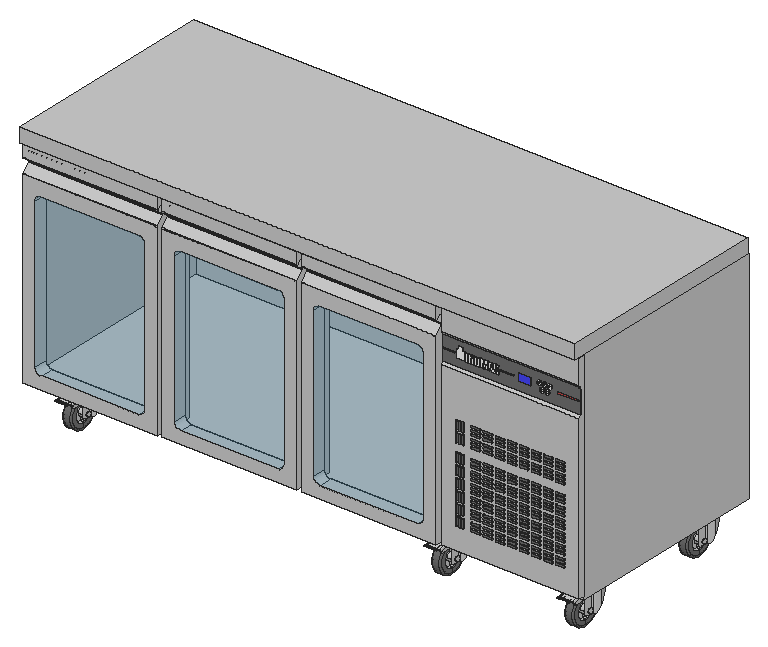
Revit family "QF_INOMAK_PNRP999_GL_250515033133", category Specialty Equipment, Revit 2021
Family settings
  Round Connector Dimension = Use Diameter
  Part Type = Normal
  OmniClass Number = 23.40.40.14
  OmniClass Title = Food Service Equipment
  Work Plane-Based = No
  Always vertical = Yes
  Cut with Voids When Loaded = No
  Shared = No
  Room Calculation Point = No
Parameters (values of type "PNRP999-GL")
  Weight [instance] = 146.002 kg
  Waste Water Discharge Temperature [instance] = 0 °C
  Waste Remarks [instance] = ""
  Warranty Start Date [instance] = ""
  Warranty Duration [instance] = ""
  Volts [instance] = 230 V
  Volt Free Conn [instance] = no
  URL Recommended Spares List [instance] = ""
  URL Manufacturer [instance] = ""
  URL Cutsheet [instance] = ""
  URL Critical Spares List [instance] = ""
  URL = "www.inomak.com"
  Technical Documentation [instance] = ""
  Tag Number [instance] = ""
  Status [instance] = ""
  Start Up Current [instance] = 0 A
  Specification by User [instance] = ""
  Specification by Manufacturer [instance] = ""
  Sound Level [instance] = ""
  Show Logo [instance] = yes
  Show Clearances [instance] = yes
  Service Life Duration [instance] = ""
  Serial Number [instance] = ""
  Seismic Rating [instance] = ""
  SMACNA No [instance] = ""
  Revision Code [instance] = ""
  Revision [instance] = ""
  Production Year [instance] = ""
  Potential Equalisation [instance] = no
  Point Load [instance] = 0
  Plumbing Connection Type [instance] = ""
  Phase [instance] = 1
  Other Equipment Approvals [instance] = ""
  Operational Current [instance] = 0 A
  Number of Poles [instance] = 2
  No Load Power Draw [instance] = no
  NAFEM Spec ID Number [instance] = ""
  Model Warning [instance] = ""
  Model = "PNRP999/GL"
  Min Ckt Ampacity [instance] = 0 A
  Max Overcurrent Protection [instance] = 10 A
  Masterspec [instance] = ""
  Manufacturer = "INOMAK"
  Main switch integrated [instance] = no
  Length Actual [instance] = 1791.97 mm
  Item Number [instance] = ""
  Installed By [instance] = ""
  Installation Date [instance] = ""
  Indirect Waste Size [instance] = 25.4 mm
  Indirect Waste Remarks [instance] = ""
  Indirect Waste Flow [instance] = 0.0 L/s
  Indirect Waste Connection Type [instance] = ""
  Indirect Waste Connection Height [instance] = 0 mm
  Identify Quantity as Lot [instance] = no
  ID [instance] = ""
  Hygiene Approval [instance] = ""
  Height Actual [instance] = 899.922 mm
  HP power [instance] = ""
  Furnished By [instance] = ""
  Foodservice Equipment Identifier [instance] = no
  FL Amps [instance] = 2.9 A
  Electrical Remarks [instance] = ""
  Electric power [instance] = 370 W
  Electric Connection Type [instance] = ""
  Elec Conn RI Height [instance] = 0 mm
  Elec Conn Connection Height [instance] = 0 mm
  ETL Approved [instance] = no
  Direct Waste Water Discharge Temperature [instance] = -273.15 °C
  Direct Waste Size [instance] = 25.4 mm
  Direct Waste RI Height [instance] = 0 mm
  Direct Waste Flow [instance] = 0.0 L/s
  Direct Waste Connection Height [instance] = 0 mm
  Description = "PRUNUS CHILLER COUNTER WITH 3 GN 1/1 GLASS DOORS"
  Depth Actual [instance] = 700.024 mm
  Default Elevation = 0 mm
  Cycle [instance] = 50 Hz
  Cost = 0
  Connection to energy optimisation system [instance] = yes
  Conn Plug [instance] = ""
  Conn Conduit [instance] = no
  Centralized building control system with digital interface [instance] = ""
  CSI MasterFormat [instance] = ""
  CE Approved [instance] = no
  Barcode [instance] = 0
  Author [instance] = ""
  Asset Identifier [instance] = ""
  Apparent Power [instance] = 370 VA
  Accessory [instance] = no
Reference planes
  plane 1 "Center (Front/Back)": y = 0
  plane 2: z = 0
  plane 3 "Center (Left/Right)": x = 0
Forms (mm)
  Extrusion 1, solid, not visible
    sketch origin (1585.077, -260.013, 132.006) x (1, 0, 0) y (0, 1, 0)
      loop
        line (-2, 2) -> (-2, -2) -> (2, -2) -> (2, 2) -> (-2, 2)
    from -2 to 2
  Extrusion 2, solid, not visible
    sketch origin (1385.068, -115.006, 132.006) x (1, 0, 0) y (0, 1, 0)
      loop
        line (-2, 2) -> (-2, -2) -> (2, -2) -> (2, 2) -> (-2, 2)
    from -2 to 2
Dimensions and locks
  locked: nested 2 to Extrusion 1 at 2  (x2)
  locked: nested 3 to Extrusion 2 at 2  (x2)
  aligned and locked: level to plane 2
Nested families
  nested 1: "QF_INOMAK_PNRP999-GL_2920" at (0, 0, 130), type "PNRP999-GL"
    with Weight 146.002 kg, Warranty Start Date "", Warranty Duration "", URL Cutsheet "", Technical Documentation "", Tag Number "", Status "", Specification by User "", Specification by Manufacturer "", Sound Level "", Solid Fuel Type "", Show Clearances yes, Show Clearance yes, Service Life Duration "", Serial Number "", Seismic Rating "", SMACNA No "", Revision Code "", Revision "", Production Year "", Point Load 0, Other Equipment Approvals "", NAFEM Spec ID Number "", Model Warning "", Masterspec "", Length Actual 1791.97 mm, Item Number "", Installed By "", Installation Date "", Identify Quantity as Lot yes, ID "", Hygiene Approval "", Height Actual 899.922 mm, Furnished By "", Foodservice Equipment Identifier yes, Finish none, ETL Approved yes, Depth Actual 700.024 mm, CSI MasterFormat "", CE Approved yes, Barcode "", Author "", Asset Identifier "", Accessory no
  nested 2: "CONN_POINT_DRAIN_2D___Generic_Annotation" at (1585.077, -260.013, 130.006), type "CONN_POINT_DRAIN_2D___Generic_Annotation"
    with Onboard connection annotation symbol visibility yes
  nested 3: "CONN_POINT_ELE_2D___Generic_Annotation" at (1385.068, -115.006, 130.006), type "CONN_POINT_ELE_2D___Generic_Annotation"
    with Onboard connection annotation symbol visibility yes
  nested 4: "QF_INOMAK_REF_COUNTERS_WORKTOPS_7219" at (0, 0, 840), type "WTWT-1790-700"
    with Worktop without backsplash yes, Worktop with backsplash no, Worktop type 3, Worktop thickness 46 mm, Without worktop no, Weight 0.00 kg, Warranty Start Date "", Warranty Duration "", URL Cutsheet "", Technical Documentation "", Tag Number "", Status "", Specification by User "", Specification by Manufacturer "", Sound Level "", Solid Fuel Type "", Show Logo yes, Show Clearances yes, Service Life Duration "", Serial Number "", Seismic Rating "", SMACNA No "", Revision Code "", Revision "", Production Year "", Point Load 0, Other Equipment Approvals "", NAFEM Spec ID Number "", Model Warning "", Masterspec "", Length Actual 1791.97 mm, Item Number "", Installed By "", Installation Date "", Identify Quantity as Lot yes, ID "", Hygiene Approval "", Height Actual 45.974 mm, Height AFF 0 mm, Furnished By "", Foodservice Equipment Identifier yes, Finish none, ETL Approved yes, Depth Actual 700.024 mm, CSI MasterFormat "", CE Approved yes, Barcode "", Backsplash thickness 20 mm, Backsplash height 60 mm, Author "", Asset Identifier "", Accessory yes
  nested 5: "QF_INOMAK_REF_COUNTERS_CASTORS_9048" at (0, 0, 0), type "CT-1790-700"
    with Weight 0.00 kg, Warranty Start Date "", Warranty Duration "", URL Cutsheet "", Technical Documentation "", Tag Number "", Status "", Specification by User "", Specification by Manufacturer "", Sound Level "", Solid Fuel Type "", Show Logo yes, Show Clearances yes, Service Life Duration "", Serial Number "", Seismic Rating "", SMACNA No "", Revision Code "", Revision "", Production Year "", Point Load 0, Other Equipment Approvals "", NAFEM Spec ID Number "", Model Warning "", Masterspec "", Length Actual 1791.97 mm, Item Number "", Installed By "", Installation Date "", Identify Quantity as Lot yes, ID "", Hygiene Approval "", Height Actual 130.048 mm, Furnished By "", Foodservice Equipment Identifier yes, ETL Approved yes, Depth Actual 700.024 mm, CSI MasterFormat "", CE Approved yes, Barcode "", Author "", Asset Identifier "", Accessory yes
Connectors
  piping at (1585.077, -260.013, 130.006), diameter 25.4, driven by "Indirect Waste Size", driven by "Direct Waste Flow"
    settings: on Extrusion 1, index 1, connector inside diameter 609.6 mm, connector length 0 mm, flow factor 0, pipe flow 0.0 L/s, pressure drop 0.0 Pa, fitting loss kfactor 0, connector angle 0.00°, fixture units 0, engagement length 0 mm, angle of deflection 0.00°, flow configuration 1, flow direction 2, fitting loss method 0, system type 16, joint type 0, gender type 0, connector reference index -1, connector utility 0, adjustable connector no, is connector primary yes, connector description "Waste connection for PNRP999/GL"
  electrical at (1385.068, -115.006, 130.006), driven by "Apparent Power", driven by "Number of Poles", driven by "Volts"
    settings: on Extrusion 2, index 2, voltage 230 V, apparent load 0 VA, apparent load phase1 370 VA, apparent load phase2 0 VA, apparent load phase3 0 VA, power factor 1, load classification "Other", number of poles 2, system type 31, power factor state 1, is connector primary yes, connector utility no, sub classification motor no, connector description "Electrical connection for PNRP999/GL"
Definition of nested family "QF_INOMAK_PNRP999-GL_2920"
  Parameters (values of type "PNRP999-GL")
    Weight [instance] = 0.00 kg
    Warranty Start Date [instance] = ""
    Warranty Duration [instance] = ""
    URL Cutsheet [instance] = ""
    URL = "www.inomak.com"
    Technical Documentation [instance] = ""
    Tag Number [instance] = ""
    Status [instance] = ""
    Specification by User [instance] = ""
    Specification by Manufacturer [instance] = ""
    Sound Level [instance] = ""
    Solid Fuel Type [instance] = ""
    Show Logo = yes
    Show Clearances [instance] = yes
    Show Clearance [instance] = yes
    Service Life Duration [instance] = ""
    Serial Number [instance] = ""
    Seismic Rating [instance] = ""
    SMACNA No [instance] = ""
    Revision Code [instance] = ""
    Revision [instance] = ""
    Production Year [instance] = ""
    Point Load [instance] = 0
    Other Equipment Approvals [instance] = ""
    NAFEM Spec ID Number [instance] = ""
    Model Warning [instance] = ""
    Model = "PNRP999/GL"
    Masterspec [instance] = ""
    Manufacturer = "INOMAK"
    Length Actual [instance] = 0 mm
    Item Number [instance] = ""
    Installed By [instance] = ""
    Installation Date [instance] = ""
    Identify Quantity as Lot [instance] = yes
    ID [instance] = ""
    Hygiene Approval [instance] = ""
    Height Actual [instance] = 0 mm
    Furnished By [instance] = ""
    Foodservice Equipment Identifier [instance] = yes
    Finish [instance] = none
    ETL Approved [instance] = yes
    Description = "PRUNUS CHILLER COUNTER WITH 3 GN 1/1 GLASS DOORS"
    Depth Actual [instance] = 0 mm
    Default Elevation = 0 mm
    CSI MasterFormat [instance] = ""
    CE Approved [instance] = yes
    Barcode [instance] = ""
    Author [instance] = ""
    Asset Identifier [instance] = ""
    Assembly Code = "E1090320"
    Accessory [instance] = yes
  Reference planes
    plane 1 "Back": y = 0
    plane 2: z = 0
    plane 3 "Left": x = 0
    plane 4 "Right": x = 1792
    plane 5 "Front": y = -700
    plane 6 "Top": z = 710
  Forms (mm)
    Extrusion 1, solid, material <- "Finish"
      sketch origin (0, 0, 0) x (1, 0, 0) y (0, 1, 0)
        loop
          line (0, -648) -> (30, -648) -> (30, -30) -> (1315, -30) -> (1315, -648) -> (1347, -648) -> (1347, -665) -> (1792, -665) -> (1792, 0) -> (0, 0) -> (0, -648)
      from 0 to 710
    Extrusion 2, solid, material <- "Finish"
      sketch origin (0, 0, 0) x (1, 0, 0) y (0, 1, 0)
        loop
          line (30, -30) -> (30, -648) -> (1315, -648) -> (1315, -30) -> (30, -30)
      from 0 to 45
    Extrusion 3, solid, material <- "Finish"
      sketch origin (0, 0, 710) x (0, 1, 0) y (-1, 0, 0)
        loop
          line (-30, -30) -> (-648, -30) -> (-648, -1315) -> (-30, -1315) -> (-30, -30)
      from 0 to -30
    Extrusion 4, solid, material <- "Finish"
      sketch origin (1792, 0, 0) x (0, -1, 0) y (0, 0, 1)
        loop
          line (683.05, 705) -> (665, 705) -> (665, 10) -> (683.05, 10) -> (683.05, 532.058) -> (676.05, 539.058) -> (676.05, 618.864) -> (683.05, 625.864) -> (683.05, 705)
      from 0 to 445
    Extrusion 5, solid
      sketch origin (447, -700, 0) x (-1, 0, 0) y (0, 0, 1)
        loop
          circle (-1211.654, 586.73) r 6.965
        loop
          circle (-1228.685, 586.73) r 6.965
        loop
          circle (-1245.694, 586.73) r 6.965
        loop
          circle (-1220.18, 568.729) r 6.965
        loop
          circle (-1237.189, 568.729) r 6.965
        loop
          circle (-1211.654, 586.73) r 3.965
        loop
          circle (-1228.685, 586.73) r 3.965
        loop
          circle (-1245.694, 586.73) r 3.965
        loop
          circle (-1220.18, 568.729) r 3.965
        loop
          circle (-1237.189, 568.729) r 3.965
      from 23 to 25.5
    Extrusion 6, solid
      sketch origin (447, -700, 0) x (-1, 0, 0) y (0, 0, 1)
        loop
          line (-1183.865, 590.461) -> (-1183.865, 567.461) -> (-1143.865, 567.461) -> (-1143.865, 590.461) -> (-1183.865, 590.461)
      from 23 to 25.5
    Extrusion 7, solid
      sketch origin (447, -700, 0) x (-1, 0, 0) y (0, 0, 1)
        loop
          line (-900, 618.864) -> (-1345, 618.864) -> (-1345, 539.058) -> (-900, 539.058) -> (-900, 618.864)
      from 23.5 to 25.5
    Extrusion 8, solid, visible <- "Show Logo"
      sketch origin (447, -700, 0) x (-1, 0, 0) y (0, 0, 1)
        loop
          line (-944.061, 591.01) -> (-950.061, 591.01) -> (-950.061, 602.118) -> (-964.298, 602.118) -> (-964.298, 591.01) -> (-970.298, 591.01) -> (-970.298, 564.76) -> (-944.061, 564.76) -> (-944.061, 591.01)
        loop
          line (-974.613, 590.698) -> (-981.903, 590.698) -> (-981.903, 564.76) -> (-974.613, 564.76) -> (-974.613, 590.698)
        loop
          line (-984.422, 564.76) -> (-984.422, 590.698) -> (-991.256, 590.698) -> (-994.449, 578.78) -> (-994.449, 590.698) -> (-1000.982, 590.698) -> (-1000.982, 564.76) -> (-994.449, 564.76) -> (-990.735, 578.623) -> (-990.735, 564.76) -> (-984.422, 564.76)
        loop
          line (-1021.664, 564.76) -> (-1021.664, 590.698) -> (-1030.626, 590.698) -> (-1032.988, 576.688) -> (-1035.35, 590.698) -> (-1044.312, 590.698) -> (-1044.312, 564.76) -> (-1037.687, 564.76) -> (-1037.687, 578.623) -> (-1035.35, 564.76) -> (-1030.626, 564.76) -> (-1028.289, 578.623) -> (-1028.289, 564.76) -> (-1021.664, 564.76)
        loop
          line (-1006.851, 590.698) -> (-1016.176, 590.698)
          arc (-1016.176, 590.698) -> (-1018.773, 589.622) -> (-1019.849, 587.026) r 3.672
          line (-1019.849, 587.026) -> (-1019.849, 568.433)
          arc (-1019.849, 568.433) -> (-1018.773, 565.836) -> (-1016.176, 564.76) r 3.672
          line (-1016.176, 564.76) -> (-1006.851, 564.76)
          arc (-1006.851, 564.76) -> (-1004.255, 565.836) -> (-1003.179, 568.433) r 3.672
          line (-1003.179, 568.433) -> (-1003.179, 587.026)
          arc (-1003.179, 587.026) -> (-1004.255, 589.622) -> (-1006.851, 590.698) r 3.672
        loop
          arc (-1010.487, 587.542) -> (-1011.514, 588.569) -> (-1012.541, 587.542) r 1.027
          line (-1012.541, 587.542) -> (-1012.541, 568.949)
          arc (-1012.541, 568.949) -> (-1011.514, 567.922) -> (-1010.487, 568.949) r 1.027
          line (-1010.487, 568.949) -> (-1010.487, 587.542)
        loop
          line (-1045.382, 564.76) -> (-1049.755, 590.698) -> (-1058.615, 590.698) -> (-1062.988, 564.76) -> (-1056.461, 564.76) -> (-1055.852, 569.723) -> (-1052.518, 569.723) -> (-1051.909, 564.76) -> (-1045.382, 564.76)
        loop
          line (-1053.074, 574.252) -> (-1054.185, 583.299) -> (-1055.296, 574.252) -> (-1053.074, 574.252)
        loop
          line (-1063.954, 564.76) -> (-1063.954, 590.698) -> (-1070.579, 590.698) -> (-1070.579, 581.585) -> (-1073.365, 590.698) -> (-1080.803, 590.698) -> (-1076.474, 579.422) -> (-1081.522, 564.76) -> (-1073.939, 564.76) -> (-1070.579, 577.3) -> (-1070.579, 564.76) -> (-1063.954, 564.76)
      from 23 to 25.5
    Extrusion 9, solid
      sketch origin (447, -700, 0) x (-1, 0, 0) y (0, 0, 1)
        loop
          line (-900, 580.961) -> (-936.995, 580.961) -> (-936.995, 576.961) -> (-900, 576.961) -> (-900, 580.961)
        loop
          line (-1085, 580.961) -> (-1129.365, 580.961) -> (-1129.365, 576.961) -> (-1085, 576.961) -> (-1085, 580.961)
        loop
          line (-1345, 580.961) -> (-1345, 576.961) -> (-1271.755, 576.961) -> (-1271.755, 580.961) -> (-1345, 580.961)
      from 23 to 25.5
    Extrusion 10, solid, material <- "Finish"
      sketch origin (0, 0, -150) x (0, -1, 0) y (0, 0, 1)
        loop
          line (690, 759.847) -> (690, 764.365)
          arc (690, 764.365) -> (689.866, 765.037) -> (689.485, 765.607) r 1.757
          line (689.485, 765.607) -> (666.663, 788.429)
          arc (666.663, 788.429) -> (665.976, 789.458) -> (665.734, 790.672) r 3.172
          line (665.734, 790.672) -> (665.734, 817.576)
          arc (665.734, 817.576) -> (666.433, 819.262) -> (668.119, 819.961) r 2.385
          line (668.119, 819.961) -> (680.029, 819.961) -> (686.544, 810.657)
          arc (686.544, 810.657) -> (688.671, 809.935) -> (690, 811.747) r 1.9
          line (690, 811.747) -> (690, 850) -> (648, 850) -> (648, 759.847) -> (690, 759.847)
      from 0 to -435
    Extrusion 11, solid, detail levels coarse
      sketch origin (0, -700, 10) x (-1, 0, 0) y (0, 1, 0)
        loop
          arc (-435, 10) -> (-307.591, -297.591) -> (0, -425) r 435
          line (0, -425) -> (0, 10) -> (-435, 10)
      from 0 to -690
    Extrusion 12, solid, material <- "Finish"
      sketch origin (0, -700, 0) x (-1, 0, 0) y (0, 0, 1)
        loop
          line (0, 609.847) -> (-435, 609.847) -> (-435, 10) -> (0, 10) -> (0, 609.847)
        loop
          line (-40, 70) -> (-40, 549.847)
          arc (-40, 549.847) -> (-45.858, 563.989) -> (-60, 569.847) r 20
          line (-60, 569.847) -> (-375, 569.847)
          arc (-375, 569.847) -> (-389.142, 563.989) -> (-395, 549.847) r 20
          line (-395, 549.847) -> (-395, 70)
          arc (-395, 70) -> (-389.142, 55.858) -> (-375, 50) r 20
          line (-375, 50) -> (-60, 50)
          arc (-60, 50) -> (-45.858, 55.858) -> (-40, 70) r 20
      from 10 to 52
    Extrusion 13, solid
      sketch origin (0, -700, 0) x (-1, 0, 0) y (0, 0, 1)
        loop
          line (-60, 569.847) -> (-375, 569.847)
          arc (-375, 569.847) -> (-389.142, 563.989) -> (-395, 549.847) r 20
          line (-395, 549.847) -> (-395, 70)
          arc (-395, 70) -> (-389.142, 55.858) -> (-375, 50) r 20
          line (-375, 50) -> (-60, 50)
          arc (-60, 50) -> (-45.858, 55.858) -> (-40, 70) r 20
          line (-40, 70) -> (-40, 549.847)
          arc (-40, 549.847) -> (-45.858, 563.989) -> (-60, 569.847) r 20
      from 10 to 52
    Extrusion 14, solid, material <- "Finish"
      sketch origin (885, 0, -150) x (0, -1, 0) y (0, 0, -1)
        loop
          line (690, -759.847) -> (648, -759.847) -> (648, -850) -> (690, -850) -> (690, -811.747)
          arc (690, -811.747) -> (688.671, -809.935) -> (686.544, -810.657) r 1.9
          line (686.544, -810.657) -> (680.029, -819.961) -> (668.119, -819.961)
          arc (668.119, -819.961) -> (666.433, -819.262) -> (665.734, -817.576) r 2.385
          line (665.734, -817.576) -> (665.734, -790.672)
          arc (665.734, -790.672) -> (665.976, -789.458) -> (666.663, -788.429) r 3.172
          line (666.663, -788.429) -> (689.485, -765.607)
          arc (689.485, -765.607) -> (689.866, -765.037) -> (690, -764.365) r 1.757
          line (690, -764.365) -> (690, -759.847)
      from 0 to -435
    Extrusion 15, solid, detail levels coarse
      sketch origin (885, -700, 10) x (-1, 0, 0) y (0, 1, 0)
        loop
          line (435, 10) -> (0, 10) -> (0, -425)
          arc (0, -425) -> (307.591, -297.591) -> (435, 10) r 435
      from 0 to -690
    Extrusion 16, solid, material <- "Finish"
      sketch origin (885, -700, 0) x (1, 0, 0) y (0, 0, -1)
        loop
          line (0, -609.847) -> (0, -10) -> (-435, -10) -> (-435, -609.847) -> (0, -609.847)
        loop
          arc (-40, -70) -> (-45.858, -55.858) -> (-60, -50) r 20
          line (-60, -50) -> (-375, -50)
          arc (-375, -50) -> (-389.142, -55.858) -> (-395, -70) r 20
          line (-395, -70) -> (-395, -549.847)
          arc (-395, -549.847) -> (-389.142, -563.989) -> (-375, -569.847) r 20
          line (-375, -569.847) -> (-60, -569.847)
          arc (-60, -569.847) -> (-45.858, -563.989) -> (-40, -549.847) r 20
          line (-40, -549.847) -> (-40, -70)
      from 10 to 52
    Extrusion 17, solid
      sketch origin (885, -700, 0) x (1, 0, 0) y (0, 0, -1)
        loop
          arc (-60, -569.847) -> (-45.858, -563.989) -> (-40, -549.847) r 20
          line (-40, -549.847) -> (-40, -70)
          arc (-40, -70) -> (-45.858, -55.858) -> (-60, -50) r 20
          line (-60, -50) -> (-375, -50)
          arc (-375, -50) -> (-389.142, -55.858) -> (-395, -70) r 20
          line (-395, -70) -> (-395, -549.847)
          arc (-395, -549.847) -> (-389.142, -563.989) -> (-375, -569.847) r 20
          line (-375, -569.847) -> (-60, -569.847)
      from 10 to 52
    Extrusion 18, solid, material <- "Finish"
      sketch origin (0, 0, 0) x (1, 0, 0) y (0, 1, 0)
        loop
          line (480, -648) -> (480, -618) -> (405, -618) -> (405, -648) -> (480, -648)
      from 45 to 680
    Extrusion 19, solid, material <- "Finish"
      sketch origin (1335, 0, -150) x (0, -1, 0) y (0, 0, -1)
        loop
          line (690, -759.847) -> (648, -759.847) -> (648, -850) -> (690, -850) -> (690, -811.747)
          arc (690, -811.747) -> (688.671, -809.935) -> (686.544, -810.657) r 1.9
          line (686.544, -810.657) -> (680.029, -819.961) -> (668.119, -819.961)
          arc (668.119, -819.961) -> (666.433, -819.262) -> (665.734, -817.576) r 2.385
          line (665.734, -817.576) -> (665.734, -790.672)
          arc (665.734, -790.672) -> (665.976, -789.458) -> (666.663, -788.429) r 3.172
          line (666.663, -788.429) -> (689.485, -765.607)
          arc (689.485, -765.607) -> (689.866, -765.037) -> (690, -764.365) r 1.757
          line (690, -764.365) -> (690, -759.847)
      from 0 to -435
    Extrusion 20, solid, detail levels coarse
      sketch origin (1335, -700, 10) x (-1, 0, 0) y (0, 1, 0)
        loop
          line (435, 10) -> (0, 10) -> (0, -425)
          arc (0, -425) -> (307.591, -297.591) -> (435, 10) r 435
      from 0 to -690
    Extrusion 21, solid, material <- "Finish"
      sketch origin (1335, -700, 0) x (1, 0, 0) y (0, 0, -1)
        loop
          line (0, -609.847) -> (0, -10) -> (-435, -10) -> (-435, -609.847) -> (0, -609.847)
        loop
          arc (-40, -70) -> (-45.858, -55.858) -> (-60, -50) r 20
          line (-60, -50) -> (-375, -50)
          arc (-375, -50) -> (-389.142, -55.858) -> (-395, -70) r 20
          line (-395, -70) -> (-395, -549.847)
          arc (-395, -549.847) -> (-389.142, -563.989) -> (-375, -569.847) r 20
          line (-375, -569.847) -> (-60, -569.847)
          arc (-60, -569.847) -> (-45.858, -563.989) -> (-40, -549.847) r 20
          line (-40, -549.847) -> (-40, -70)
      from 10 to 52
    Extrusion 22, solid
      sketch origin (1335, -700, 0) x (1, 0, 0) y (0, 0, -1)
        loop
          arc (-60, -569.847) -> (-45.858, -563.989) -> (-40, -549.847) r 20
          line (-40, -549.847) -> (-40, -70)
          arc (-40, -70) -> (-45.858, -55.858) -> (-60, -50) r 20
          line (-60, -50) -> (-375, -50)
          arc (-375, -50) -> (-389.142, -55.858) -> (-395, -70) r 20
          line (-395, -70) -> (-395, -549.847)
          arc (-395, -549.847) -> (-389.142, -563.989) -> (-375, -569.847) r 20
          line (-375, -569.847) -> (-60, -569.847)
      from 10 to 52
    Extrusion 23, solid, material <- "Finish"
      sketch origin (450, 0, 0) x (1, 0, 0) y (0, 1, 0)
        loop
          line (480, -648) -> (480, -618) -> (405, -618) -> (405, -648) -> (480, -648)
      from 45 to 680
  Cuts and joins
    joined: Extrusion 1, Extrusion 2, Extrusion 3
    joined: Extrusion 10, Extrusion 12
    joined: Extrusion 14, Extrusion 16
    joined: Extrusion 19, Extrusion 21
  Lines and regions (mm)
    symbolic lines, visible <- "Show Clearance"
      curve 1: line (0, 0, 0) -> (1792, 0, 0)
      curve 2: line (1792, 0, 0) -> (1792, -700, 0)
      curve 3: line (1792, -700, 0) -> (0, -700, 0)
      curve 4: line (0, -700, 0) -> (0, 0, 0)
    symbolic lines
      curve 5: line (0, -700, 150) -> (0, -1125, 150)
      curve 6: arc (0, -1125, 150) -> (304.035, -1001.107, 150) -> (434.885, -700, 150) r 435
      curve 7: line (885, -700, 150) -> (885, -1125, 150)
      curve 8: arc (885, -1125, 150) -> (580.965, -1001.107, 150) -> (450.115, -700, 150) r 435
      curve 9: line (1335, -700, 150) -> (1335, -1125, 150)
      curve 10: arc (1335, -1125, 150) -> (1030.965, -1001.107, 150) -> (900.115, -700, 150) r 435
  Dimensions and locks
    plane 3 "Left" to plane 4 "Right" = 1792 mm
    plane 5 "Front" to plane 1 "Back" = 700 mm
    plane 6 "Top" to plane 2 = 710 mm
    aligned and locked: level to plane 2
    aligned and locked: plane 6 "Top" to Extrusion 1
    aligned and locked: nested 1 to plane 4 "Right"
    aligned and locked: plane 5 "Front" to nested 1
    aligned and locked: Extrusion 11 to curve 5
    aligned and locked: curve 7 to Extrusion 15
    aligned and locked: curve 9 to Extrusion 20
    aligned and locked: plane 5 "Front" to curve 3
  Nested families
    nested 1: "QF_INOMAK_CONRTOL-PANEL" at (1792, 0, 0), type "PNRP9999"
      with Show Clearance yes
  Definition of nested family "QF_INOMAK_CONRTOL-PANEL"
    Parameters (values of type "PNRP9999")
      URL = ""
      Show Logo = yes
      Show Clearance [instance] = yes
      Model = ""
      Manufacturer = ""
      Length = 0 mm
      Height = 710 mm
      Front offset = 80 mm
      Description = ""
      Depth = 700 mm
      Default Elevation = 0 mm
      Assembly Code = ""
    Reference planes
      plane 1 "Back": y = 0
      plane 2: z = 0
      plane 3 "Left": x = 0
      plane 4 "Right": x = 0
      plane 5 "Front": y = -700
      plane 6 "Top": z = 710
      plane 7 "Front offset": y = -620
    Forms (mm)
      Extrusion 1, solid
        sketch origin (-2240, -700, 0) x (-1, 0, 0) y (0, 0, 1)
          loop
            arc (-2191.4, 389.855) -> (-2194.4, 386.855) -> (-2191.4, 383.855) r 3
            line (-2191.4, 383.855) -> (-2167.4, 383.855)
            arc (-2167.4, 383.855) -> (-2164.4, 386.855) -> (-2167.4, 389.855) r 3
            line (-2167.4, 389.855) -> (-2191.4, 389.855)
          loop
            arc (-2152.4, 389.855) -> (-2155.4, 386.855) -> (-2152.4, 383.855) r 3
            line (-2152.4, 383.855) -> (-2128.4, 383.855)
            arc (-2128.4, 383.855) -> (-2125.4, 386.855) -> (-2128.4, 389.855) r 3
            line (-2128.4, 389.855) -> (-2152.4, 389.855)
          loop
            arc (-2113.4, 389.855) -> (-2116.4, 386.855) -> (-2113.4, 383.855) r 3
            line (-2113.4, 383.855) -> (-2089.4, 383.855)
            arc (-2089.4, 383.855) -> (-2086.4, 386.855) -> (-2089.4, 389.855) r 3
            line (-2089.4, 389.855) -> (-2113.4, 389.855)
          loop
            arc (-2074.4, 389.855) -> (-2077.4, 386.855) -> (-2074.4, 383.855) r 3
            line (-2074.4, 383.855) -> (-2050.4, 383.855)
            arc (-2050.4, 383.855) -> (-2047.4, 386.855) -> (-2050.4, 389.855) r 3
            line (-2050.4, 389.855) -> (-2074.4, 389.855)
          loop
            arc (-2035.4, 389.855) -> (-2038.4, 386.855) -> (-2035.4, 383.855) r 3
            line (-2035.4, 383.855) -> (-2011.4, 383.855)
            arc (-2011.4, 383.855) -> (-2008.4, 386.855) -> (-2011.4, 389.855) r 3
            line (-2011.4, 389.855) -> (-2035.4, 389.855)
          loop
            arc (-1996.4, 389.855) -> (-1999.4, 386.855) -> (-1996.4, 383.855) r 3
            line (-1996.4, 383.855) -> (-1972.4, 383.855)
            arc (-1972.4, 383.855) -> (-1969.4, 386.855) -> (-1972.4, 389.855) r 3
            line (-1972.4, 389.855) -> (-1996.4, 389.855)
          loop
            arc (-1957.4, 389.855) -> (-1960.4, 386.855) -> (-1957.4, 383.855) r 3
            line (-1957.4, 383.855) -> (-1933.4, 383.855)
            arc (-1933.4, 383.855) -> (-1930.4, 386.855) -> (-1933.4, 389.855) r 3
            line (-1933.4, 389.855) -> (-1957.4, 389.855)
          loop
            arc (-1918.4, 389.855) -> (-1921.4, 386.855) -> (-1918.4, 383.855) r 3
            line (-1918.4, 383.855) -> (-1894.4, 383.855)
            arc (-1894.4, 383.855) -> (-1891.4, 386.855) -> (-1894.4, 389.855) r 3
            line (-1894.4, 389.855) -> (-1918.4, 389.855)
          loop
            arc (-2191.4, 378.855) -> (-2194.4, 375.855) -> (-2191.4, 372.855) r 3
            line (-2191.4, 372.855) -> (-2167.4, 372.855)
            arc (-2167.4, 372.855) -> (-2164.4, 375.855) -> (-2167.4, 378.855) r 3
            line (-2167.4, 378.855) -> (-2191.4, 378.855)
          loop
            arc (-2152.4, 378.855) -> (-2155.4, 375.855) -> (-2152.4, 372.855) r 3
            line (-2152.4, 372.855) -> (-2128.4, 372.855)
            arc (-2128.4, 372.855) -> (-2125.4, 375.855) -> (-2128.4, 378.855) r 3
            line (-2128.4, 378.855) -> (-2152.4, 378.855)
          loop
            arc (-2113.4, 378.855) -> (-2116.4, 375.855) -> (-2113.4, 372.855) r 3
            line (-2113.4, 372.855) -> (-2089.4, 372.855)
            arc (-2089.4, 372.855) -> (-2086.4, 375.855) -> (-2089.4, 378.855) r 3
            line (-2089.4, 378.855) -> (-2113.4, 378.855)
          loop
            arc (-2074.4, 378.855) -> (-2077.4, 375.855) -> (-2074.4, 372.855) r 3
            line (-2074.4, 372.855) -> (-2050.4, 372.855)
            arc (-2050.4, 372.855) -> (-2047.4, 375.855) -> (-2050.4, 378.855) r 3
            line (-2050.4, 378.855) -> (-2074.4, 378.855)
          loop
            arc (-2035.4, 378.855) -> (-2038.4, 375.855) -> (-2035.4, 372.855) r 3
            line (-2035.4, 372.855) -> (-2011.4, 372.855)
            arc (-2011.4, 372.855) -> (-2008.4, 375.855) -> (-2011.4, 378.855) r 3
            line (-2011.4, 378.855) -> (-2035.4, 378.855)
          loop
            arc (-1996.4, 378.855) -> (-1999.4, 375.855) -> (-1996.4, 372.855) r 3
            line (-1996.4, 372.855) -> (-1972.4, 372.855)
            arc (-1972.4, 372.855) -> (-1969.4, 375.855) -> (-1972.4, 378.855) r 3
            line (-1972.4, 378.855) -> (-1996.4, 378.855)
          loop
            arc (-1957.4, 378.855) -> (-1960.4, 375.855) -> (-1957.4, 372.855) r 3
            line (-1957.4, 372.855) -> (-1933.4, 372.855)
            arc (-1933.4, 372.855) -> (-1930.4, 375.855) -> (-1933.4, 378.855) r 3
            line (-1933.4, 378.855) -> (-1957.4, 378.855)
          loop
            arc (-1918.4, 378.855) -> (-1921.4, 375.855) -> (-1918.4, 372.855) r 3
            line (-1918.4, 372.855) -> (-1894.4, 372.855)
            arc (-1894.4, 372.855) -> (-1891.4, 375.855) -> (-1894.4, 378.855) r 3
            line (-1894.4, 378.855) -> (-1918.4, 378.855)
          loop
            arc (-2191.4, 367.855) -> (-2194.4, 364.855) -> (-2191.4, 361.855) r 3
            line (-2191.4, 361.855) -> (-2167.4, 361.855)
            arc (-2167.4, 361.855) -> (-2164.4, 364.855) -> (-2167.4, 367.855) r 3
            line (-2167.4, 367.855) -> (-2191.4, 367.855)
          loop
            arc (-2152.4, 367.855) -> (-2155.4, 364.855) -> (-2152.4, 361.855) r 3
            line (-2152.4, 361.855) -> (-2128.4, 361.855)
            arc (-2128.4, 361.855) -> (-2125.4, 364.855) -> (-2128.4, 367.855) r 3
            line (-2128.4, 367.855) -> (-2152.4, 367.855)
          loop
            arc (-2113.4, 367.855) -> (-2116.4, 364.855) -> (-2113.4, 361.855) r 3
            line (-2113.4, 361.855) -> (-2089.4, 361.855)
            arc (-2089.4, 361.855) -> (-2086.4, 364.855) -> (-2089.4, 367.855) r 3
            line (-2089.4, 367.855) -> (-2113.4, 367.855)
          loop
            arc (-2074.4, 367.855) -> (-2077.4, 364.855) -> (-2074.4, 361.855) r 3
            line (-2074.4, 361.855) -> (-2050.4, 361.855)
            arc (-2050.4, 361.855) -> (-2047.4, 364.855) -> (-2050.4, 367.855) r 3
            line (-2050.4, 367.855) -> (-2074.4, 367.855)
          loop
            arc (-2035.4, 367.855) -> (-2038.4, 364.855) -> (-2035.4, 361.855) r 3
            line (-2035.4, 361.855) -> (-2011.4, 361.855)
            arc (-2011.4, 361.855) -> (-2008.4, 364.855) -> (-2011.4, 367.855) r 3
            line (-2011.4, 367.855) -> (-2035.4, 367.855)
          loop
            arc (-1996.4, 367.855) -> (-1999.4, 364.855) -> (-1996.4, 361.855) r 3
            line (-1996.4, 361.855) -> (-1972.4, 361.855)
            arc (-1972.4, 361.855) -> (-1969.4, 364.855) -> (-1972.4, 367.855) r 3
            line (-1972.4, 367.855) -> (-1996.4, 367.855)
          loop
            arc (-1957.4, 367.855) -> (-1960.4, 364.855) -> (-1957.4, 361.855) r 3
            line (-1957.4, 361.855) -> (-1933.4, 361.855)
            arc (-1933.4, 361.855) -> (-1930.4, 364.855) -> (-1933.4, 367.855) r 3
            line (-1933.4, 367.855) -> (-1957.4, 367.855)
          loop
            arc (-1918.4, 367.855) -> (-1921.4, 364.855) -> (-1918.4, 361.855) r 3
            line (-1918.4, 361.855) -> (-1894.4, 361.855)
            arc (-1894.4, 361.855) -> (-1891.4, 364.855) -> (-1894.4, 367.855) r 3
            line (-1894.4, 367.855) -> (-1918.4, 367.855)
          loop
            arc (-2191.4, 352.855) -> (-2194.4, 349.855) -> (-2191.4, 346.855) r 3
            line (-2191.4, 346.855) -> (-2167.4, 346.855)
            arc (-2167.4, 346.855) -> (-2164.4, 349.855) -> (-2167.4, 352.855) r 3
            line (-2167.4, 352.855) -> (-2191.4, 352.855)
          loop
            arc (-2152.4, 352.855) -> (-2155.4, 349.855) -> (-2152.4, 346.855) r 3
            line (-2152.4, 346.855) -> (-2128.4, 346.855)
            arc (-2128.4, 346.855) -> (-2125.4, 349.855) -> (-2128.4, 352.855) r 3
            line (-2128.4, 352.855) -> (-2152.4, 352.855)
          loop
            arc (-2113.4, 352.855) -> (-2116.4, 349.855) -> (-2113.4, 346.855) r 3
            line (-2113.4, 346.855) -> (-2089.4, 346.855)
            arc (-2089.4, 346.855) -> (-2086.4, 349.855) -> (-2089.4, 352.855) r 3
            line (-2089.4, 352.855) -> (-2113.4, 352.855)
          loop
            arc (-2074.4, 352.855) -> (-2077.4, 349.855) -> (-2074.4, 346.855) r 3
            line (-2074.4, 346.855) -> (-2050.4, 346.855)
            arc (-2050.4, 346.855) -> (-2047.4, 349.855) -> (-2050.4, 352.855) r 3
            line (-2050.4, 352.855) -> (-2074.4, 352.855)
          loop
            arc (-2035.4, 352.855) -> (-2038.4, 349.855) -> (-2035.4, 346.855) r 3
            line (-2035.4, 346.855) -> (-2011.4, 346.855)
            arc (-2011.4, 346.855) -> (-2008.4, 349.855) -> (-2011.4, 352.855) r 3
            line (-2011.4, 352.855) -> (-2035.4, 352.855)
          loop
            arc (-1996.4, 352.855) -> (-1999.4, 349.855) -> (-1996.4, 346.855) r 3
            line (-1996.4, 346.855) -> (-1972.4, 346.855)
            arc (-1972.4, 346.855) -> (-1969.4, 349.855) -> (-1972.4, 352.855) r 3
            line (-1972.4, 352.855) -> (-1996.4, 352.855)
          loop
            arc (-1957.4, 352.855) -> (-1960.4, 349.855) -> (-1957.4, 346.855) r 3
            line (-1957.4, 346.855) -> (-1933.4, 346.855)
            arc (-1933.4, 346.855) -> (-1930.4, 349.855) -> (-1933.4, 352.855) r 3
            line (-1933.4, 352.855) -> (-1957.4, 352.855)
          loop
            arc (-1918.4, 352.855) -> (-1921.4, 349.855) -> (-1918.4, 346.855) r 3
            line (-1918.4, 346.855) -> (-1894.4, 346.855)
            arc (-1894.4, 346.855) -> (-1891.4, 349.855) -> (-1894.4, 352.855) r 3
            line (-1894.4, 352.855) -> (-1918.4, 352.855)
          loop
            arc (-2191.4, 341.855) -> (-2194.4, 338.855) -> (-2191.4, 335.855) r 3
            line (-2191.4, 335.855) -> (-2167.4, 335.855)
            arc (-2167.4, 335.855) -> (-2164.4, 338.855) -> (-2167.4, 341.855) r 3
            line (-2167.4, 341.855) -> (-2191.4, 341.855)
          loop
            arc (-2152.4, 341.855) -> (-2155.4, 338.855) -> (-2152.4, 335.855) r 3
            line (-2152.4, 335.855) -> (-2128.4, 335.855)
            arc (-2128.4, 335.855) -> (-2125.4, 338.855) -> (-2128.4, 341.855) r 3
            line (-2128.4, 341.855) -> (-2152.4, 341.855)
          loop
            arc (-2113.4, 341.855) -> (-2116.4, 338.855) -> (-2113.4, 335.855) r 3
            line (-2113.4, 335.855) -> (-2089.4, 335.855)
            arc (-2089.4, 335.855) -> (-2086.4, 338.855) -> (-2089.4, 341.855) r 3
            line (-2089.4, 341.855) -> (-2113.4, 341.855)
          loop
            arc (-2074.4, 341.855) -> (-2077.4, 338.855) -> (-2074.4, 335.855) r 3
            line (-2074.4, 335.855) -> (-2050.4, 335.855)
            arc (-2050.4, 335.855) -> (-2047.4, 338.855) -> (-2050.4, 341.855) r 3
            line (-2050.4, 341.855) -> (-2074.4, 341.855)
          loop
            arc (-2035.4, 341.855) -> (-2038.4, 338.855) -> (-2035.4, 335.855) r 3
            line (-2035.4, 335.855) -> (-2011.4, 335.855)
            arc (-2011.4, 335.855) -> (-2008.4, 338.855) -> (-2011.4, 341.855) r 3
            line (-2011.4, 341.855) -> (-2035.4, 341.855)
          loop
            arc (-1996.4, 341.855) -> (-1999.4, 338.855) -> (-1996.4, 335.855) r 3
            line (-1996.4, 335.855) -> (-1972.4, 335.855)
            arc (-1972.4, 335.855) -> (-1969.4, 338.855) -> (-1972.4, 341.855) r 3
            line (-1972.4, 341.855) -> (-1996.4, 341.855)
          loop
            arc (-1957.4, 341.855) -> (-1960.4, 338.855) -> (-1957.4, 335.855) r 3
            line (-1957.4, 335.855) -> (-1933.4, 335.855)
            arc (-1933.4, 335.855) -> (-1930.4, 338.855) -> (-1933.4, 341.855) r 3
            line (-1933.4, 341.855) -> (-1957.4, 341.855)
          loop
            arc (-1918.4, 341.855) -> (-1921.4, 338.855) -> (-1918.4, 335.855) r 3
            line (-1918.4, 335.855) -> (-1894.4, 335.855)
            arc (-1894.4, 335.855) -> (-1891.4, 338.855) -> (-1894.4, 341.855) r 3
            line (-1894.4, 341.855) -> (-1918.4, 341.855)
          loop
            arc (-2191.4, 330.855) -> (-2194.4, 327.855) -> (-2191.4, 324.855) r 3
            line (-2191.4, 324.855) -> (-2167.4, 324.855)
            arc (-2167.4, 324.855) -> (-2164.4, 327.855) -> (-2167.4, 330.855) r 3
            line (-2167.4, 330.855) -> (-2191.4, 330.855)
          loop
            arc (-2152.4, 330.855) -> (-2155.4, 327.855) -> (-2152.4, 324.855) r 3
            line (-2152.4, 324.855) -> (-2128.4, 324.855)
            arc (-2128.4, 324.855) -> (-2125.4, 327.855) -> (-2128.4, 330.855) r 3
            line (-2128.4, 330.855) -> (-2152.4, 330.855)
          loop
            arc (-2113.4, 330.855) -> (-2116.4, 327.855) -> (-2113.4, 324.855) r 3
            line (-2113.4, 324.855) -> (-2089.4, 324.855)
            arc (-2089.4, 324.855) -> (-2086.4, 327.855) -> (-2089.4, 330.855) r 3
            line (-2089.4, 330.855) -> (-2113.4, 330.855)
          loop
            arc (-2074.4, 330.855) -> (-2077.4, 327.855) -> (-2074.4, 324.855) r 3
            line (-2074.4, 324.855) -> (-2050.4, 324.855)
            arc (-2050.4, 324.855) -> (-2047.4, 327.855) -> (-2050.4, 330.855) r 3
            line (-2050.4, 330.855) -> (-2074.4, 330.855)
          loop
            arc (-2035.4, 330.855) -> (-2038.4, 327.855) -> (-2035.4, 324.855) r 3
            line (-2035.4, 324.855) -> (-2011.4, 324.855)
            arc (-2011.4, 324.855) -> (-2008.4, 327.855) -> (-2011.4, 330.855) r 3
            line (-2011.4, 330.855) -> (-2035.4, 330.855)
          loop
            arc (-1996.4, 330.855) -> (-1999.4, 327.855) -> (-1996.4, 324.855) r 3
            line (-1996.4, 324.855) -> (-1972.4, 324.855)
            arc (-1972.4, 324.855) -> (-1969.4, 327.855) -> (-1972.4, 330.855) r 3
            line (-1972.4, 330.855) -> (-1996.4, 330.855)
          loop
            arc (-1957.4, 330.855) -> (-1960.4, 327.855) -> (-1957.4, 324.855) r 3
            line (-1957.4, 324.855) -> (-1933.4, 324.855)
            arc (-1933.4, 324.855) -> (-1930.4, 327.855) -> (-1933.4, 330.855) r 3
            line (-1933.4, 330.855) -> (-1957.4, 330.855)
          loop
            arc (-1918.4, 330.855) -> (-1921.4, 327.855) -> (-1918.4, 324.855) r 3
            line (-1918.4, 324.855) -> (-1894.4, 324.855)
            arc (-1894.4, 324.855) -> (-1891.4, 327.855) -> (-1894.4, 330.855) r 3
            line (-1894.4, 330.855) -> (-1918.4, 330.855)
          loop
            arc (-2191.4, 295.855) -> (-2194.4, 292.855) -> (-2191.4, 289.855) r 3
            line (-2191.4, 289.855) -> (-2167.4, 289.855)
            arc (-2167.4, 289.855) -> (-2164.4, 292.855) -> (-2167.4, 295.855) r 3
            line (-2167.4, 295.855) -> (-2191.4, 295.855)
          loop
            arc (-2152.4, 295.855) -> (-2155.4, 292.855) -> (-2152.4, 289.855) r 3
            line (-2152.4, 289.855) -> (-2128.4, 289.855)
            arc (-2128.4, 289.855) -> (-2125.4, 292.855) -> (-2128.4, 295.855) r 3
            line (-2128.4, 295.855) -> (-2152.4, 295.855)
          loop
            arc (-2113.4, 295.855) -> (-2116.4, 292.855) -> (-2113.4, 289.855) r 3
            line (-2113.4, 289.855) -> (-2089.4, 289.855)
            arc (-2089.4, 289.855) -> (-2086.4, 292.855) -> (-2089.4, 295.855) r 3
            line (-2089.4, 295.855) -> (-2113.4, 295.855)
          loop
            arc (-2074.4, 295.855) -> (-2077.4, 292.855) -> (-2074.4, 289.855) r 3
            line (-2074.4, 289.855) -> (-2050.4, 289.855)
            arc (-2050.4, 289.855) -> (-2047.4, 292.855) -> (-2050.4, 295.855) r 3
            line (-2050.4, 295.855) -> (-2074.4, 295.855)
          loop
            arc (-2035.4, 295.855) -> (-2038.4, 292.855) -> (-2035.4, 289.855) r 3
            line (-2035.4, 289.855) -> (-2011.4, 289.855)
            arc (-2011.4, 289.855) -> (-2008.4, 292.855) -> (-2011.4, 295.855) r 3
            line (-2011.4, 295.855) -> (-2035.4, 295.855)
          loop
            arc (-1996.4, 295.855) -> (-1999.4, 292.855) -> (-1996.4, 289.855) r 3
            line (-1996.4, 289.855) -> (-1972.4, 289.855)
            arc (-1972.4, 289.855) -> (-1969.4, 292.855) -> (-1972.4, 295.855) r 3
            line (-1972.4, 295.855) -> (-1996.4, 295.855)
          loop
            arc (-1957.4, 295.855) -> (-1960.4, 292.855) -> (-1957.4, 289.855) r 3
            line (-1957.4, 289.855) -> (-1933.4, 289.855)
            arc (-1933.4, 289.855) -> (-1930.4, 292.855) -> (-1933.4, 295.855) r 3
            line (-1933.4, 295.855) -> (-1957.4, 295.855)
          loop
            arc (-1918.4, 295.855) -> (-1921.4, 292.855) -> (-1918.4, 289.855) r 3
            line (-1918.4, 289.855) -> (-1894.4, 289.855)
            arc (-1894.4, 289.855) -> (-1891.4, 292.855) -> (-1894.4, 295.855) r 3
            line (-1894.4, 295.855) -> (-1918.4, 295.855)
          loop
            arc (-2191.4, 284.855) -> (-2194.4, 281.855) -> (-2191.4, 278.855) r 3
            line (-2191.4, 278.855) -> (-2167.4, 278.855)
            arc (-2167.4, 278.855) -> (-2164.4, 281.855) -> (-2167.4, 284.855) r 3
            line (-2167.4, 284.855) -> (-2191.4, 284.855)
          loop
            arc (-2152.4, 284.855) -> (-2155.4, 281.855) -> (-2152.4, 278.855) r 3
            line (-2152.4, 278.855) -> (-2128.4, 278.855)
            arc (-2128.4, 278.855) -> (-2125.4, 281.855) -> (-2128.4, 284.855) r 3
            line (-2128.4, 284.855) -> (-2152.4, 284.855)
          loop
            arc (-2113.4, 284.855) -> (-2116.4, 281.855) -> (-2113.4, 278.855) r 3
            line (-2113.4, 278.855) -> (-2089.4, 278.855)
            arc (-2089.4, 278.855) -> (-2086.4, 281.855) -> (-2089.4, 284.855) r 3
            line (-2089.4, 284.855) -> (-2113.4, 284.855)
          loop
            arc (-2074.4, 284.855) -> (-2077.4, 281.855) -> (-2074.4, 278.855) r 3
            line (-2074.4, 278.855) -> (-2050.4, 278.855)
            arc (-2050.4, 278.855) -> (-2047.4, 281.855) -> (-2050.4, 284.855) r 3
            line (-2050.4, 284.855) -> (-2074.4, 284.855)
          loop
            arc (-2035.4, 284.855) -> (-2038.4, 281.855) -> (-2035.4, 278.855) r 3
            line (-2035.4, 278.855) -> (-2011.4, 278.855)
            arc (-2011.4, 278.855) -> (-2008.4, 281.855) -> (-2011.4, 284.855) r 3
            line (-2011.4, 284.855) -> (-2035.4, 284.855)
          loop
            arc (-1996.4, 284.855) -> (-1999.4, 281.855) -> (-1996.4, 278.855) r 3
            line (-1996.4, 278.855) -> (-1972.4, 278.855)
            arc (-1972.4, 278.855) -> (-1969.4, 281.855) -> (-1972.4, 284.855) r 3
            line (-1972.4, 284.855) -> (-1996.4, 284.855)
          loop
            arc (-1957.4, 284.855) -> (-1960.4, 281.855) -> (-1957.4, 278.855) r 3
            line (-1957.4, 278.855) -> (-1933.4, 278.855)
            arc (-1933.4, 278.855) -> (-1930.4, 281.855) -> (-1933.4, 284.855) r 3
            line (-1933.4, 284.855) -> (-1957.4, 284.855)
          loop
            arc (-1918.4, 284.855) -> (-1921.4, 281.855) -> (-1918.4, 278.855) r 3
            line (-1918.4, 278.855) -> (-1894.4, 278.855)
            arc (-1894.4, 278.855) -> (-1891.4, 281.855) -> (-1894.4, 284.855) r 3
            line (-1894.4, 284.855) -> (-1918.4, 284.855)
          loop
            arc (-2191.4, 273.855) -> (-2194.4, 270.855) -> (-2191.4, 267.855) r 3
            line (-2191.4, 267.855) -> (-2167.4, 267.855)
            arc (-2167.4, 267.855) -> (-2164.4, 270.855) -> (-2167.4, 273.855) r 3
            line (-2167.4, 273.855) -> (-2191.4, 273.855)
          loop
            arc (-2152.4, 273.855) -> (-2155.4, 270.855) -> (-2152.4, 267.855) r 3
            line (-2152.4, 267.855) -> (-2128.4, 267.855)
            arc (-2128.4, 267.855) -> (-2125.4, 270.855) -> (-2128.4, 273.855) r 3
            line (-2128.4, 273.855) -> (-2152.4, 273.855)
          loop
            arc (-2113.4, 273.855) -> (-2116.4, 270.855) -> (-2113.4, 267.855) r 3
            line (-2113.4, 267.855) -> (-2089.4, 267.855)
            arc (-2089.4, 267.855) -> (-2086.4, 270.855) -> (-2089.4, 273.855) r 3
            line (-2089.4, 273.855) -> (-2113.4, 273.855)
          loop
            arc (-2074.4, 273.855) -> (-2077.4, 270.855) -> (-2074.4, 267.855) r 3
            line (-2074.4, 267.855) -> (-2050.4, 267.855)
            arc (-2050.4, 267.855) -> (-2047.4, 270.855) -> (-2050.4, 273.855) r 3
            line (-2050.4, 273.855) -> (-2074.4, 273.855)
          loop
            arc (-2035.4, 273.855) -> (-2038.4, 270.855) -> (-2035.4, 267.855) r 3
            line (-2035.4, 267.855) -> (-2011.4, 267.855)
            arc (-2011.4, 267.855) -> (-2008.4, 270.855) -> (-2011.4, 273.855) r 3
            line (-2011.4, 273.855) -> (-2035.4, 273.855)
          loop
            arc (-1996.4, 273.855) -> (-1999.4, 270.855) -> (-1996.4, 267.855) r 3
            line (-1996.4, 267.855) -> (-1972.4, 267.855)
            arc (-1972.4, 267.855) -> (-1969.4, 270.855) -> (-1972.4, 273.855) r 3
            line (-1972.4, 273.855) -> (-1996.4, 273.855)
          loop
            arc (-1957.4, 273.855) -> (-1960.4, 270.855) -> (-1957.4, 267.855) r 3
            line (-1957.4, 267.855) -> (-1933.4, 267.855)
            arc (-1933.4, 267.855) -> (-1930.4, 270.855) -> (-1933.4, 273.855) r 3
            line (-1933.4, 273.855) -> (-1957.4, 273.855)
          loop
            arc (-1918.4, 273.855) -> (-1921.4, 270.855) -> (-1918.4, 267.855) r 3
            line (-1918.4, 267.855) -> (-1894.4, 267.855)
            arc (-1894.4, 267.855) -> (-1891.4, 270.855) -> (-1894.4, 273.855) r 3
            line (-1894.4, 273.855) -> (-1918.4, 273.855)
          loop
            arc (-2191.4, 258.855) -> (-2194.4, 255.855) -> (-2191.4, 252.855) r 3
            line (-2191.4, 252.855) -> (-2167.4, 252.855)
            arc (-2167.4, 252.855) -> (-2164.4, 255.855) -> (-2167.4, 258.855) r 3
            line (-2167.4, 258.855) -> (-2191.4, 258.855)
          loop
            arc (-2152.4, 258.855) -> (-2155.4, 255.855) -> (-2152.4, 252.855) r 3
            line (-2152.4, 252.855) -> (-2128.4, 252.855)
            arc (-2128.4, 252.855) -> (-2125.4, 255.855) -> (-2128.4, 258.855) r 3
            line (-2128.4, 258.855) -> (-2152.4, 258.855)
          loop
            arc (-2113.4, 258.855) -> (-2116.4, 255.855) -> (-2113.4, 252.855) r 3
            line (-2113.4, 252.855) -> (-2089.4, 252.855)
            arc (-2089.4, 252.855) -> (-2086.4, 255.855) -> (-2089.4, 258.855) r 3
            line (-2089.4, 258.855) -> (-2113.4, 258.855)
          loop
            arc (-2074.4, 258.855) -> (-2077.4, 255.855) -> (-2074.4, 252.855) r 3
            line (-2074.4, 252.855) -> (-2050.4, 252.855)
            arc (-2050.4, 252.855) -> (-2047.4, 255.855) -> (-2050.4, 258.855) r 3
            line (-2050.4, 258.855) -> (-2074.4, 258.855)
          loop
            arc (-2035.4, 258.855) -> (-2038.4, 255.855) -> (-2035.4, 252.855) r 3
            line (-2035.4, 252.855) -> (-2011.4, 252.855)
            arc (-2011.4, 252.855) -> (-2008.4, 255.855) -> (-2011.4, 258.855) r 3
            line (-2011.4, 258.855) -> (-2035.4, 258.855)
          loop
            arc (-1996.4, 258.855) -> (-1999.4, 255.855) -> (-1996.4, 252.855) r 3
            line (-1996.4, 252.855) -> (-1972.4, 252.855)
            arc (-1972.4, 252.855) -> (-1969.4, 255.855) -> (-1972.4, 258.855) r 3
            line (-1972.4, 258.855) -> (-1996.4, 258.855)
          loop
            arc (-1957.4, 258.855) -> (-1960.4, 255.855) -> (-1957.4, 252.855) r 3
            line (-1957.4, 252.855) -> (-1933.4, 252.855)
            arc (-1933.4, 252.855) -> (-1930.4, 255.855) -> (-1933.4, 258.855) r 3
            line (-1933.4, 258.855) -> (-1957.4, 258.855)
          loop
            arc (-1918.4, 258.855) -> (-1921.4, 255.855) -> (-1918.4, 252.855) r 3
            line (-1918.4, 252.855) -> (-1894.4, 252.855)
            arc (-1894.4, 252.855) -> (-1891.4, 255.855) -> (-1894.4, 258.855) r 3
            line (-1894.4, 258.855) -> (-1918.4, 258.855)
          loop
            arc (-2191.4, 247.855) -> (-2194.4, 244.855) -> (-2191.4, 241.855) r 3
            line (-2191.4, 241.855) -> (-2167.4, 241.855)
            arc (-2167.4, 241.855) -> (-2164.4, 244.855) -> (-2167.4, 247.855) r 3
            line (-2167.4, 247.855) -> (-2191.4, 247.855)
          loop
            arc (-2152.4, 247.855) -> (-2155.4, 244.855) -> (-2152.4, 241.855) r 3
            line (-2152.4, 241.855) -> (-2128.4, 241.855)
            arc (-2128.4, 241.855) -> (-2125.4, 244.855) -> (-2128.4, 247.855) r 3
            line (-2128.4, 247.855) -> (-2152.4, 247.855)
          loop
            arc (-2113.4, 247.855) -> (-2116.4, 244.855) -> (-2113.4, 241.855) r 3
            line (-2113.4, 241.855) -> (-2089.4, 241.855)
            arc (-2089.4, 241.855) -> (-2086.4, 244.855) -> (-2089.4, 247.855) r 3
            line (-2089.4, 247.855) -> (-2113.4, 247.855)
          loop
            arc (-2074.4, 247.855) -> (-2077.4, 244.855) -> (-2074.4, 241.855) r 3
            line (-2074.4, 241.855) -> (-2050.4, 241.855)
            arc (-2050.4, 241.855) -> (-2047.4, 244.855) -> (-2050.4, 247.855) r 3
            line (-2050.4, 247.855) -> (-2074.4, 247.855)
          loop
            arc (-2035.4, 247.855) -> (-2038.4, 244.855) -> (-2035.4, 241.855) r 3
            line (-2035.4, 241.855) -> (-2011.4, 241.855)
            arc (-2011.4, 241.855) -> (-2008.4, 244.855) -> (-2011.4, 247.855) r 3
            line (-2011.4, 247.855) -> (-2035.4, 247.855)
          loop
            arc (-1996.4, 247.855) -> (-1999.4, 244.855) -> (-1996.4, 241.855) r 3
            line (-1996.4, 241.855) -> (-1972.4, 241.855)
            arc (-1972.4, 241.855) -> (-1969.4, 244.855) -> (-1972.4, 247.855) r 3
            line (-1972.4, 247.855) -> (-1996.4, 247.855)
          loop
            arc (-1957.4, 247.855) -> (-1960.4, 244.855) -> (-1957.4, 241.855) r 3
            line (-1957.4, 241.855) -> (-1933.4, 241.855)
            arc (-1933.4, 241.855) -> (-1930.4, 244.855) -> (-1933.4, 247.855) r 3
            line (-1933.4, 247.855) -> (-1957.4, 247.855)
          loop
            arc (-1918.4, 247.855) -> (-1921.4, 244.855) -> (-1918.4, 241.855) r 3
            line (-1918.4, 241.855) -> (-1894.4, 241.855)
            arc (-1894.4, 241.855) -> (-1891.4, 244.855) -> (-1894.4, 247.855) r 3
            line (-1894.4, 247.855) -> (-1918.4, 247.855)
          loop
            arc (-2191.4, 236.855) -> (-2194.4, 233.855) -> (-2191.4, 230.855) r 3
            line (-2191.4, 230.855) -> (-2167.4, 230.855)
            arc (-2167.4, 230.855) -> (-2164.4, 233.855) -> (-2167.4, 236.855) r 3
            line (-2167.4, 236.855) -> (-2191.4, 236.855)
          loop
            arc (-2152.4, 236.855) -> (-2155.4, 233.855) -> (-2152.4, 230.855) r 3
            line (-2152.4, 230.855) -> (-2128.4, 230.855)
            arc (-2128.4, 230.855) -> (-2125.4, 233.855) -> (-2128.4, 236.855) r 3
            line (-2128.4, 236.855) -> (-2152.4, 236.855)
          loop
            arc (-2113.4, 236.855) -> (-2116.4, 233.855) -> (-2113.4, 230.855) r 3
            line (-2113.4, 230.855) -> (-2089.4, 230.855)
            arc (-2089.4, 230.855) -> (-2086.4, 233.855) -> (-2089.4, 236.855) r 3
            line (-2089.4, 236.855) -> (-2113.4, 236.855)
          loop
            arc (-2074.4, 236.855) -> (-2077.4, 233.855) -> (-2074.4, 230.855) r 3
            line (-2074.4, 230.855) -> (-2050.4, 230.855)
            arc (-2050.4, 230.855) -> (-2047.4, 233.855) -> (-2050.4, 236.855) r 3
            line (-2050.4, 236.855) -> (-2074.4, 236.855)
          loop
            arc (-2035.4, 236.855) -> (-2038.4, 233.855) -> (-2035.4, 230.855) r 3
            line (-2035.4, 230.855) -> (-2011.4, 230.855)
            arc (-2011.4, 230.855) -> (-2008.4, 233.855) -> (-2011.4, 236.855) r 3
            line (-2011.4, 236.855) -> (-2035.4, 236.855)
          loop
            arc (-1996.4, 236.855) -> (-1999.4, 233.855) -> (-1996.4, 230.855) r 3
            line (-1996.4, 230.855) -> (-1972.4, 230.855)
            arc (-1972.4, 230.855) -> (-1969.4, 233.855) -> (-1972.4, 236.855) r 3
            line (-1972.4, 236.855) -> (-1996.4, 236.855)
          loop
            arc (-1957.4, 236.855) -> (-1960.4, 233.855) -> (-1957.4, 230.855) r 3
            line (-1957.4, 230.855) -> (-1933.4, 230.855)
            arc (-1933.4, 230.855) -> (-1930.4, 233.855) -> (-1933.4, 236.855) r 3
            line (-1933.4, 236.855) -> (-1957.4, 236.855)
          loop
            arc (-1918.4, 236.855) -> (-1921.4, 233.855) -> (-1918.4, 230.855) r 3
            line (-1918.4, 230.855) -> (-1894.4, 230.855)
            arc (-1894.4, 230.855) -> (-1891.4, 233.855) -> (-1894.4, 236.855) r 3
            line (-1894.4, 236.855) -> (-1918.4, 236.855)
          loop
            arc (-2191.4, 221.855) -> (-2194.4, 218.855) -> (-2191.4, 215.855) r 3
            line (-2191.4, 215.855) -> (-2167.4, 215.855)
            arc (-2167.4, 215.855) -> (-2164.4, 218.855) -> (-2167.4, 221.855) r 3
            line (-2167.4, 221.855) -> (-2191.4, 221.855)
          loop
            arc (-2152.4, 221.855) -> (-2155.4, 218.855) -> (-2152.4, 215.855) r 3
            line (-2152.4, 215.855) -> (-2128.4, 215.855)
            arc (-2128.4, 215.855) -> (-2125.4, 218.855) -> (-2128.4, 221.855) r 3
            line (-2128.4, 221.855) -> (-2152.4, 221.855)
          loop
            arc (-2113.4, 221.855) -> (-2116.4, 218.855) -> (-2113.4, 215.855) r 3
            line (-2113.4, 215.855) -> (-2089.4, 215.855)
            arc (-2089.4, 215.855) -> (-2086.4, 218.855) -> (-2089.4, 221.855) r 3
            line (-2089.4, 221.855) -> (-2113.4, 221.855)
          loop
            arc (-2074.4, 221.855) -> (-2077.4, 218.855) -> (-2074.4, 215.855) r 3
            line (-2074.4, 215.855) -> (-2050.4, 215.855)
            arc (-2050.4, 215.855) -> (-2047.4, 218.855) -> (-2050.4, 221.855) r 3
            line (-2050.4, 221.855) -> (-2074.4, 221.855)
          loop
            arc (-2035.4, 221.855) -> (-2038.4, 218.855) -> (-2035.4, 215.855) r 3
            line (-2035.4, 215.855) -> (-2011.4, 215.855)
            arc (-2011.4, 215.855) -> (-2008.4, 218.855) -> (-2011.4, 221.855) r 3
            line (-2011.4, 221.855) -> (-2035.4, 221.855)
          loop
            arc (-1996.4, 221.855) -> (-1999.4, 218.855) -> (-1996.4, 215.855) r 3
            line (-1996.4, 215.855) -> (-1972.4, 215.855)
            arc (-1972.4, 215.855) -> (-1969.4, 218.855) -> (-1972.4, 221.855) r 3
            line (-1972.4, 221.855) -> (-1996.4, 221.855)
          loop
            arc (-1957.4, 221.855) -> (-1960.4, 218.855) -> (-1957.4, 215.855) r 3
            line (-1957.4, 215.855) -> (-1933.4, 215.855)
            arc (-1933.4, 215.855) -> (-1930.4, 218.855) -> (-1933.4, 221.855) r 3
            line (-1933.4, 221.855) -> (-1957.4, 221.855)
          loop
            arc (-1918.4, 221.855) -> (-1921.4, 218.855) -> (-1918.4, 215.855) r 3
            line (-1918.4, 215.855) -> (-1894.4, 215.855)
            arc (-1894.4, 215.855) -> (-1891.4, 218.855) -> (-1894.4, 221.855) r 3
            line (-1894.4, 221.855) -> (-1918.4, 221.855)
          loop
            arc (-2191.4, 210.855) -> (-2194.4, 207.855) -> (-2191.4, 204.855) r 3
            line (-2191.4, 204.855) -> (-2167.4, 204.855)
            arc (-2167.4, 204.855) -> (-2164.4, 207.855) -> (-2167.4, 210.855) r 3
            line (-2167.4, 210.855) -> (-2191.4, 210.855)
          loop
            arc (-2152.4, 210.855) -> (-2155.4, 207.855) -> (-2152.4, 204.855) r 3
            line (-2152.4, 204.855) -> (-2128.4, 204.855)
            arc (-2128.4, 204.855) -> (-2125.4, 207.855) -> (-2128.4, 210.855) r 3
            line (-2128.4, 210.855) -> (-2152.4, 210.855)
          loop
            arc (-2113.4, 210.855) -> (-2116.4, 207.855) -> (-2113.4, 204.855) r 3
            line (-2113.4, 204.855) -> (-2089.4, 204.855)
            arc (-2089.4, 204.855) -> (-2086.4, 207.855) -> (-2089.4, 210.855) r 3
            line (-2089.4, 210.855) -> (-2113.4, 210.855)
          loop
            arc (-2074.4, 210.855) -> (-2077.4, 207.855) -> (-2074.4, 204.855) r 3
            line (-2074.4, 204.855) -> (-2050.4, 204.855)
            arc (-2050.4, 204.855) -> (-2047.4, 207.855) -> (-2050.4, 210.855) r 3
            line (-2050.4, 210.855) -> (-2074.4, 210.855)
          loop
            arc (-2035.4, 210.855) -> (-2038.4, 207.855) -> (-2035.4, 204.855) r 3
            line (-2035.4, 204.855) -> (-2011.4, 204.855)
            arc (-2011.4, 204.855) -> (-2008.4, 207.855) -> (-2011.4, 210.855) r 3
            line (-2011.4, 210.855) -> (-2035.4, 210.855)
          loop
            arc (-1996.4, 210.855) -> (-1999.4, 207.855) -> (-1996.4, 204.855) r 3
            line (-1996.4, 204.855) -> (-1972.4, 204.855)
            arc (-1972.4, 204.855) -> (-1969.4, 207.855) -> (-1972.4, 210.855) r 3
            line (-1972.4, 210.855) -> (-1996.4, 210.855)
          loop
            arc (-1957.4, 210.855) -> (-1960.4, 207.855) -> (-1957.4, 204.855) r 3
            line (-1957.4, 204.855) -> (-1933.4, 204.855)
            arc (-1933.4, 204.855) -> (-1930.4, 207.855) -> (-1933.4, 210.855) r 3
            line (-1933.4, 210.855) -> (-1957.4, 210.855)
          loop
            arc (-1918.4, 210.855) -> (-1921.4, 207.855) -> (-1918.4, 204.855) r 3
